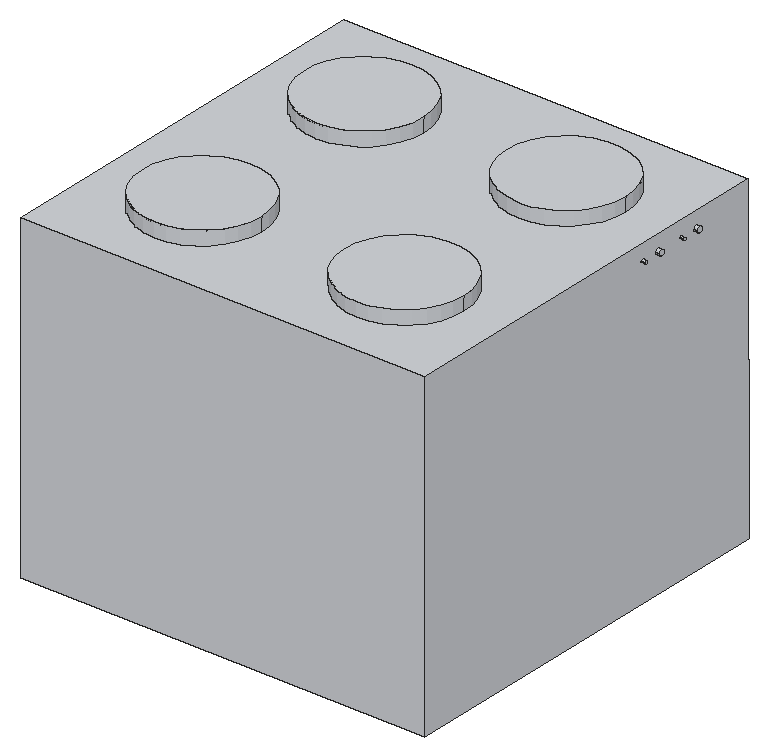
Revit family "M_Condensador para VPAC - Resfriado a ar - 70-211 kW", category Equipamento mecânico, Revit 2019
Family settings
  Cota do conector redondo = Usar raio
  Tipo de parte = Normal
  Número OmniClass = 23.75.10.24.21.11.11
  Título OmniClass = Packaged Refrigerant Condensing Coils and Fan Units
  ID de item do Seek = Condenser for VPAC - Air Cooled - 70-211 kW-0000-CAN-ENU
  Com base no plano de trabalho = Não
  Sempre na vertical = Sim
  Corte com vazios quando carregada = Não
  Compartilhado = Não
  Ponto de cálculo do ambiente = Não
Parameters (values of type "70 kW")
  Voltagem = 460 V
  Visibilidade 3 = no
  Visibilidade 2 = no
  Visibilidade 1 = yes
  Largura da unidade = 2235.2 mm
  Material da unidade = none
  Comprimento da unidade = 2235.2 mm
  Altura da unidade = 1781.2 mm
  Raio da saída = 15 mm
  Diâmetro da saída = Raio da saída * 2  # 30 mm
  Número de pólos = 3
  Carga máxima de operação = 30480 mm
  Classificação de carga = Refrigeração
  Comprimento 1 = Comprimento da unidade / 3  # 745.067 mm
  Raio da embocadura = 6 mm
  Diâmetro da embocadura = Raio da embocadura * 2  # 12 mm
  C4 Deslocamento1 = 736.6 mm
  C3 Deslocamento1 = 469.9 mm
  C2 Deslocamento1 = 628.7 mm
  C1 Deslocamento2 = 1698.6 mm
  C1 Deslocamento1 = 365.1 mm
  Carga aparente = 21900 VA
Types (7, lengths in mm): name | Visibilidade 3 | Visibilidade 2 | Visibilidade 1 | Comprimento da unidade | Raio da saída | Diâmetro da saída | Comprimento 1 | Raio da embocadura | Diâmetro da embocadura | Carga aparente
  (no name) | no | no | yes | 2235.2 | 15 | 30 | 745.067 | 6 | 12 | 21900 VA
  70 kW | no | no | yes | 2235.2 | 15 | 30 | 745.067 | 6 | 12 | 21900 VA
  105 kW | no | yes | no | 3321.1 | 15 | 30 | 1107.033 | 6 | 12 | 33300 VA
  176 kW | yes | no | no | 4470.4 | 20 | 40 | 1490.133 | 10 | 20 | 57000 VA
  88 kW | no | no | yes | 2235.2 | 15 | 30 | 745.067 | 6 | 12 | 28300 VA
  141 kW | no | yes | no | 3321.1 | 15 | 30 | 1107.033 | 6 | 12 | 44300 VA
  211 kW | yes | no | no | 4470.4 | 20 | 40 | 1490.133 | 10 | 20 | 67000 VA
Reference planes
  plane 1 "Centro (Frente/Trás)": y = 0
  plane 2: z = 0
  plane 3 "Centro (Esquerda/Direita)": x = 0
  plane 4: x = 2235.2
  plane 5: z = 1781.2
  plane 6: z = 1857.4
  plane 7: x = 1117.6
  plane 8: y = 2235.2
  plane 9: y = 1117.6
  plane 10: y = 1676.4
  plane 11: y = 558.8
  plane 12: x = 2260.6
  plane 13: x = 838.2
  plane 14: x = 558.8
  plane 15: x = 279.4
  plane 16: x = 1397
  plane 17: x = 1676.4
  plane 18: x = 1955.8
  plane 19: x = 745.067
  plane 20: x = 1490.133
  plane 21: x = 372.533
  plane 22: x = 1117.6
  plane 23: x = 1862.667
  plane 24: z = 161.925
  plane 25: y = 387.35
  plane 26: z = 1698.6
  plane 27: y = 1870.1
  plane 28: y = 1765.3
  plane 29: y = 1606.5
  plane 30: y = 1498.6
  plane 31: x = 2209.8
Forms (mm)
  Extrusion 1, solid, material <- "Material da unidade"
    sketch origin (0, 0, 0) x (1, 0, 0) y (0, 0, 1)
      loop
        line (0, 1781.2) -> (0, 0) -> (2235.2, 0) -> (2235.2, 1781.2) -> (0, 1781.2)
    from -2235.2 to 0
  Extrusion 2, solid, material <- "Material da unidade", visible <- "Visibilidade 3"
    sketch origin (0, 0, 0) x (1, 0, 0) y (0, 1, 0)
      loop
        circle (279.4, 1676.4) r 330.2
    from 1781.2 to 1857.4
  Extrusion 3, solid, material <- "Material da unidade", visible <- "Visibilidade 3"
    sketch origin (0, 2235.2, 0) x (1, 0, 0) y (0, 1, 0)
      loop
        circle (279.4, -1676.4) r 330.2
    from 1781.2 to 1857.4
  Extrusion 4, solid, material <- "Material da unidade", visible <- "Visibilidade 3"
    sketch origin (2235.2, 0, 0) x (-1, 0, 0) y (0, -1, 0)
      loop
        circle (1397, -1676.4) r 330.2
    from 1781.175 to 1857.375
  Extrusion 5, solid, material <- "Material da unidade", visible <- "Visibilidade 3"
    sketch origin (2235.2, 2235.2, 0) x (-1, 0, 0) y (0, -1, 0)
      loop
        circle (1397, 1676.4) r 330.2
    from 1781.175 to 1857.375
  Extrusion 6, solid, material <- "Material da unidade", visible <- "Visibilidade 3"
    sketch origin (4470.4, 0, 0) x (-1, 0, 0) y (0, -1, 0)
      loop
        circle (2514.6, -1676.4) r 330.2
    from 1781.175 to 1857.375
  Extrusion 7, solid, material <- "Material da unidade", visible <- "Visibilidade 3"
    sketch origin (4470.4, 2235.2, 0) x (-1, 0, 0) y (0, -1, 0)
      loop
        circle (2514.6, 1676.4) r 330.2
    from 1781.175 to 1857.375
  Extrusion 8, solid, material <- "Material da unidade", visible <- "Visibilidade 3"
    sketch origin (2235.2, 0, 0) x (1, 0, 0) y (0, 1, 0)
      loop
        circle (-838.2, 1676.4) r 330.2
    from 1781.175 to 1857.375
  Extrusion 9, solid, material <- "Material da unidade", visible <- "Visibilidade 3"
    sketch origin (2235.2, 2235.2, 0) x (1, 0, 0) y (0, 1, 0)
      loop
        circle (-838.2, -1676.4) r 330.2
    from 1781.175 to 1857.375
  Extrusion 10, solid, material <- "Material da unidade", visible <- "Visibilidade 2"
    sketch origin (0, 0, 0) x (1, 0, 0) y (0, 1, 0)
      loop
        circle (372.533, 558.8) r 330.2
    from 1781.2 to 1857.4
  Extrusion 11, solid, material <- "Material da unidade", visible <- "Visibilidade 2"
    sketch origin (0, 2235.2, 0) x (1, 0, 0) y (0, 1, 0)
      loop
        circle (372.533, -558.8) r 330.2
    from 1781.2 to 1857.4
  Extrusion 12, solid, material <- "Material da unidade", visible <- "Visibilidade 2"
    sketch origin (1107.017, 0, 0) x (1, 0, 0) y (0, 1, 0)
      loop
        circle (10.583, 558.8) r 330.2
    from 1781.2 to 1857.4
  Extrusion 13, solid, material <- "Material da unidade", visible <- "Visibilidade 2"
    sketch origin (1107.017, 2235.2, 0) x (1, 0, 0) y (0, 1, 0)
      loop
        circle (10.583, -558.8) r 330.2
    from 1781.2 to 1857.4
  Extrusion 14, solid, material <- "Material da unidade", visible <- "Visibilidade 2"
    sketch origin (2214.033, 0, 0) x (1, 0, 0) y (0, 1, 0)
      loop
        circle (-351.367, 558.8) r 330.2
    from 1781.2 to 1857.4
  Extrusion 15, solid, material <- "Material da unidade", visible <- "Visibilidade 2"
    sketch origin (2214.033, 2235.2, 0) x (1, 0, 0) y (0, 1, 0)
      loop
        circle (-351.367, -558.8) r 330.2
    from 1781.2 to 1857.4
  Extrusion 16, solid, material <- "Material da unidade", visible <- "Visibilidade 1"
    sketch origin (0, 0, 0) x (1, 0, 0) y (0, 1, 0)
      loop
        circle (558.8, 558.8) r 330.2
    from 1781.2 to 1857.4
  Extrusion 17, solid, material <- "Material da unidade", visible <- "Visibilidade 1"
    sketch origin (0, 2235.2, 0) x (1, 0, 0) y (0, 1, 0)
      loop
        circle (558.8, -558.8) r 330.2
    from 1781.2 to 1857.4
  Extrusion 18, solid, material <- "Material da unidade", visible <- "Visibilidade 1"
    sketch origin (2235.2, 0, 0) x (-1, 0, 0) y (0, -1, 0)
      loop
        circle (558.8, -558.8) r 330.2
    from 1781.2 to 1857.4
  Extrusion 19, solid, material <- "Material da unidade", visible <- "Visibilidade 1"
    sketch origin (2235.2, 2235.2, 0) x (-1, 0, 0) y (0, -1, 0)
      loop
        circle (558.8, 558.8) r 330.2
    from 1781.2 to 1857.4
  Extrusion 20, solid, material <- "Material da unidade"
    sketch origin (0, 0, 0) x (0, 1, 0) y (0, 0, 1)
      loop
        circle (387.35, 161.925) r 12.7
    from 2209.8 to 2235.2
  Extrusion 21, solid, material <- "Material da unidade"
    sketch origin (0, 0, 0) x (0, 1, 0) y (0, 0, 1)
      loop
        circle (1870.1, 1698.6) r 15
    from 2235.2 to 2260.6
  Extrusion 22, solid, material <- "Material da unidade"
    sketch origin (0, 0, 0) x (0, 1, 0) y (0, 0, 1)
      loop
        circle (1765.3, 1698.6) r 6
    from 2235.2 to 2260.6
  Extrusion 23, solid, material <- "Material da unidade"
    sketch origin (0, 0, 0) x (0, 1, 0) y (0, 0, 1)
      loop
        circle (1606.5, 1698.6) r 15
    from 2235.2 to 2260.6
  Extrusion 24, solid, material <- "Material da unidade"
    sketch origin (0, 0, 0) x (0, 1, 0) y (0, 0, 1)
      loop
        circle (1498.6, 1698.6) r 6
    from 2235.2 to 2260.6
Cuts and joins
  joined: Extrusion 1, Extrusion 20
Lines and regions (mm)
  model lines, visible <- "Visibilidade 2"
    curve 1: line (745.067, 0, 1781.2) -> (745.067, 0, 0)
    curve 3: line (745.067, 2235.2, 1781.2) -> (745.067, 0, 1781.2)
    curve 6: line (745.067, 2235.2, 1781.2) -> (745.067, 2235.2, 0)
    curve 7: line (745.067, 0, 0) -> (745.067, 2235.2, 0)
  model lines, visible <- "Visibilidade 3"
    curve 2: line (1117.6, 0, 1781.2) -> (1117.6, 0, 0)
    curve 4: line (1117.6, 2235.2, 1781.2) -> (1117.6, 0, 1781.2)
    curve 5: line (1117.6, 2235.2, 1781.2) -> (1117.6, 2235.2, 0)
    curve 8: line (1117.6, 2235.2, 0) -> (1117.6, 0, 0)
Dimensions and locks
  "Comprimento da unidade": plane 4 to plane 3 "Centro (Esquerda/Direita)"
  "Altura da unidade": plane 5 to plane 2
  locked: plane 6 to plane 5 at 76.2
  equal spacing: plane 4, plane 7, plane 3 "Centro (Esquerda/Direita)"
  "Largura da unidade": plane 1 "Centro (Frente/Trás)" to plane 8
  equal spacing: plane 1 "Centro (Frente/Trás)", plane 9, plane 8
  equal spacing: plane 9, plane 10, plane 8
  equal spacing: plane 9, plane 11, plane 1 "Centro (Frente/Trás)"
  equal spacing: plane 7, plane 13, plane 14, plane 15, plane 3 "Centro (Esquerda/Direita)"
  equal spacing: plane 4, plane 18, plane 17, plane 16, plane 7
  locked: plane 12 to plane 4 at 25.4
  equal spacing: plane 4, plane 20, plane 19, plane 3 "Centro (Esquerda/Direita)"
  equal spacing: plane 19, plane 21, plane 3 "Centro (Esquerda/Direita)"
  equal spacing: plane 20, plane 22, plane 19
  equal spacing: plane 4, plane 23, plane 20
  locked: plane 1 "Centro (Frente/Trás)" to plane 25 at 387.35
  locked: plane 24 to plane 2 at 161.925
  "C1 Deslocamento2": plane 26 to plane 2
  "C1 Deslocamento1": plane 27 to plane 8
  "C3 Deslocamento1": plane 28 to plane 8
  "C2 Deslocamento1": plane 29 to plane 8
  "C4 Deslocamento1": plane 30 to plane 8
  locked: plane 31 to plane 4 at 25.4
  radius of Extrusion 2 sketch curve = 330.2 mm
  radius of Extrusion 3 sketch curve = 330.2 mm
  radius of Extrusion 4 sketch curve = 330.2 mm
  radius of Extrusion 5 sketch curve = 330.2 mm
  radius of Extrusion 6 sketch curve = 330.2 mm
  radius of Extrusion 7 sketch curve = 330.2 mm
  radius of Extrusion 8 sketch curve = 330.2 mm
  radius of Extrusion 9 sketch curve = 330.2 mm
  radius of Extrusion 10 sketch curve = 330.2 mm
  radius of Extrusion 11 sketch curve = 330.2 mm
  radius of Extrusion 12 sketch curve = 330.2 mm
  radius of Extrusion 13 sketch curve = 330.2 mm
  radius of Extrusion 14 sketch curve = 330.2 mm
  radius of Extrusion 15 sketch curve = 330.2 mm
  radius of Extrusion 16 sketch curve = 330.2 mm
  radius of Extrusion 17 sketch curve = 330.2 mm
  radius of Extrusion 18 sketch curve = 330.2 mm
  radius of Extrusion 19 sketch curve = 330.2 mm
  radius of Extrusion 20 sketch curve = 12.7 mm
  "Raio da saída": radius of Extrusion 21 sketch curve
  "Raio da embocadura": radius of Extrusion 22 sketch curve
  "Raio da saída": radius of Extrusion 23 sketch curve
  "Raio da embocadura": radius of Extrusion 24 sketch curve
  aligned and locked: Extrusion 1 sketch curve to plane 5
  aligned and locked: plane 3 "Centro (Esquerda/Direita)" to Extrusion 1 sketch curve
  aligned and locked: Extrusion 1 sketch curve to plane 2
  aligned and locked: Extrusion 1 sketch curve to plane 4
  aligned and locked: Extrusion 1 to plane 8
  aligned and locked: plane 1 "Centro (Frente/Trás)" to Extrusion 1
  aligned and locked: plane 10 to Extrusion 2 sketch curve
  aligned and locked: plane 11 to Extrusion 3 sketch curve
  aligned and locked: plane 15 to Extrusion 2 sketch curve
  aligned and locked: plane 15 to Extrusion 3 sketch curve
  aligned and locked: plane 6 to Extrusion 3
  aligned and locked: Extrusion 3 to plane 5
  aligned and locked: plane 6 to Extrusion 2
  aligned and locked: Extrusion 2 to plane 5
  aligned and locked: plane 10 to Extrusion 4 sketch curve
  aligned and locked: plane 13 to Extrusion 4 sketch curve
  aligned and locked: plane 11 to Extrusion 5 sketch curve
  aligned and locked: plane 13 to Extrusion 5 sketch curve
  aligned and locked: plane 10 to Extrusion 8 sketch curve
  aligned and locked: Extrusion 8 sketch curve to plane 16
  aligned and locked: plane 11 to Extrusion 9 sketch curve
  aligned and locked: plane 16 to Extrusion 9 sketch curve
  aligned and locked: Extrusion 6 sketch curve to plane 10
  aligned and locked: Extrusion 6 sketch curve to plane 18
  aligned and locked: Extrusion 7 sketch curve to plane 11
  aligned and locked: plane 18 to Extrusion 7 sketch curve
  aligned and locked: plane 5 to curve 1
  aligned and locked: plane 2 to curve 1
  aligned and locked: plane 11 to Extrusion 10 sketch curve
  aligned and locked: plane 21 to Extrusion 10 sketch curve
  aligned and locked: plane 6 to Extrusion 10
  aligned and locked: Extrusion 10 to plane 5
  aligned and locked: plane 10 to Extrusion 11 sketch curve
  aligned and locked: plane 21 to Extrusion 11 sketch curve
  aligned and locked: plane 6 to Extrusion 11
  aligned and locked: Extrusion 11 to plane 5
  aligned and locked: plane 10 to Extrusion 13 sketch curve
  aligned and locked: plane 22 to Extrusion 13 sketch curve
  aligned and locked: plane 11 to Extrusion 12 sketch curve
  aligned and locked: plane 22 to Extrusion 12 sketch curve
  aligned and locked: Extrusion 15 sketch curve to plane 10
  aligned and locked: plane 23 to Extrusion 15 sketch curve
  aligned and locked: Extrusion 14 sketch curve to plane 11
  aligned and locked: plane 23 to Extrusion 14 sketch curve
  aligned and locked: Extrusion 12 to plane 5
  aligned and locked: plane 6 to Extrusion 12
  aligned and locked: Extrusion 13 to plane 5
  aligned and locked: plane 6 to Extrusion 13
  aligned and locked: Extrusion 14 to plane 5
  aligned and locked: Extrusion 14 to plane 6
  aligned and locked: Extrusion 15 to plane 5
  aligned and locked: Extrusion 15 to plane 6
  aligned and locked: plane 11 to Extrusion 16 sketch curve
  aligned and locked: plane 14 to Extrusion 16 sketch curve
  aligned and locked: plane 6 to Extrusion 16
  aligned and locked: Extrusion 16 to plane 5
  aligned and locked: plane 10 to Extrusion 17 sketch curve
  aligned and locked: plane 14 to Extrusion 17 sketch curve
  aligned and locked: Extrusion 19 sketch curve to plane 10
  aligned and locked: Extrusion 19 sketch curve to plane 17
  aligned and locked: Extrusion 18 sketch curve to plane 11
  aligned and locked: plane 17 to Extrusion 18 sketch curve
  aligned and locked: Extrusion 17 to plane 5
  aligned and locked: plane 6 to Extrusion 17
  aligned and locked: Extrusion 18 to plane 5
  aligned and locked: Extrusion 19 to plane 6
  aligned and locked: Extrusion 19 to plane 5
  aligned and locked: Extrusion 18 to plane 6
  aligned and locked: plane 2 to curve 2
  aligned and locked: plane 5 to curve 2
  aligned and locked: curve 2 to plane 22
  aligned and locked: plane 24 to Extrusion 20 sketch curve
  aligned and locked: plane 25 to Extrusion 20 sketch curve
  aligned and locked: plane 26 to Extrusion 21 sketch curve
  aligned and locked: plane 27 to Extrusion 21 sketch curve
  aligned and locked: plane 26 to Extrusion 22 sketch curve
  aligned and locked: plane 28 to Extrusion 22 sketch curve
  aligned and locked: plane 26 to Extrusion 23 sketch curve
  aligned and locked: plane 29 to Extrusion 23 sketch curve
  aligned and locked: plane 26 to Extrusion 24 sketch curve
  aligned and locked: plane 30 to Extrusion 24 sketch curve
  aligned and locked: plane 12 to Extrusion 21
  aligned and locked: plane 12 to Extrusion 22
  aligned and locked: plane 12 to Extrusion 23
  aligned and locked: plane 12 to Extrusion 24
  aligned and locked: Extrusion 21 to plane 4
  aligned and locked: Extrusion 22 to plane 4
  aligned and locked: Extrusion 23 to plane 4
  aligned and locked: Extrusion 24 to plane 4
  aligned and locked: plane 4 to Extrusion 20
  aligned and locked: plane 31 to Extrusion 20
  aligned and locked: plane 8 to curve 3
  aligned and locked: plane 1 "Centro (Frente/Trás)" to curve 3
  aligned and locked: curve 3 to plane 19
  aligned and locked: plane 1 "Centro (Frente/Trás)" to curve 4
  aligned and locked: plane 8 to curve 4
  aligned and locked: curve 4 to plane 22
  aligned and locked: plane 8 to curve 7
  aligned and locked: plane 1 "Centro (Frente/Trás)" to curve 7
  aligned and locked: plane 19 to curve 7
  aligned and locked: plane 1 "Centro (Frente/Trás)" to curve 8
  aligned and locked: plane 8 to curve 8
  aligned and locked: curve 8 to plane 22
  aligned and locked: plane 2 to curve 6
  aligned and locked: plane 5 to curve 6
  aligned and locked: curve 1 to plane 19
  aligned and locked: plane 2 to curve 5
  aligned and locked: plane 5 to curve 5
  aligned and locked: curve 5 to plane 22
Automatic sketch dimensions
  curve 6 to curve 5 = 372.533 mm
Connectors
  piping at (2260.6, 1870.1, 1698.6), diameter 30, driven by "Raio da saída"
    settings: on Extrusion 21, index 1, connector inside diameter 30 mm, connector length 0 mm, flow factor 0, pipe flow 0.0 L/s, pressure drop 0.0 Pa, fitting loss kfactor 0, connector angle 0.00°, fixture units 0, engagement length 0 mm, angle of deflection 0.00°, flow configuration 0, flow direction 2, fitting loss method 0, system type 22, joint type 0, gender type 0, connector reference index 3, connector utility 0, adjustable connector no, is connector primary yes, connector description "Saída de material criogênico"
  piping at (2260.6, 1606.5, 1698.6), diameter 30, driven by "Raio da saída"
    settings: on Extrusion 23, index 2, connector inside diameter 30 mm, connector length 0 mm, flow factor 0, pipe flow 0.0 L/s, pressure drop 0.0 Pa, fitting loss kfactor 0, connector angle 0.00°, fixture units 0, engagement length 0 mm, angle of deflection 0.00°, flow configuration 0, flow direction 2, fitting loss method 0, system type 22, joint type 0, gender type 0, connector reference index 4, connector utility 0, adjustable connector no, is connector primary no, connector description "Saída de material criogênico"
  piping at (2260.6, 1765.3, 1698.6), diameter 12, driven by "Raio da embocadura"
    settings: on Extrusion 22, index 3, connector inside diameter 12 mm, connector length 0 mm, flow factor 0, pipe flow 0.0 L/s, pressure drop 0.0 Pa, fitting loss kfactor 0, connector angle 0.00°, fixture units 0, engagement length 0 mm, angle of deflection 0.00°, flow configuration 0, flow direction 1, fitting loss method 0, system type 22, joint type 0, gender type 0, connector reference index 1, connector utility 0, adjustable connector no, is connector primary no, connector description "Entrada de material criogênico"
  piping at (2260.6, 1498.6, 1698.6), diameter 12, driven by "Raio da embocadura"
    settings: on Extrusion 24, index 4, connector inside diameter 12 mm, connector length 0 mm, flow factor 0, pipe flow 0.0 L/s, pressure drop 0.0 Pa, fitting loss kfactor 0, connector angle 0.00°, fixture units 0, engagement length 0 mm, angle of deflection 0.00°, flow configuration 0, flow direction 1, fitting loss method 0, system type 22, joint type 0, gender type 0, connector reference index 2, connector utility 0, adjustable connector no, is connector primary no, connector description "Entrada de material criogênico"
  electrical at (2235.2, 387.35, 161.925), driven by "Carga aparente", driven by "Voltagem", driven by "Número de pólos", driven by "Classificação de carga"
    settings: on Extrusion 20, index 5, voltage 460 V, apparent load 21900 VA, apparent load phase1 0 VA, apparent load phase2 0 VA, apparent load phase3 0 VA, power factor 0.8, load classification "Refrigeração", number of poles 3, system type 30, power factor state 1, is connector primary yes, connector utility no, sub classification motor no, connector description ""
